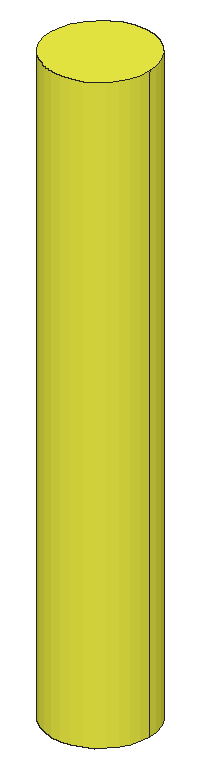
Revit family "M_Poste 2", category Terreno, Revit 2019
Family settings
  Cota do conector redondo = Utilizar diâmetro
  Tipo de parte = Normal
  ID de item do Seek = Bollard 2-0000-CAN-ENU
  Com base no plano de trabalho = Não
  Sempre na vertical = Sim
  Corte com vazios quando carregada = Não
  Compartilhado = Não
Parameters (values of type "150 mm Diâmetro")
  Material = Metal - Acabamento pintado - Amarelo, fosco
Reference planes
  plane 1 "Centro (Frente/Trás)": y = -75
  plane 2: z = 0
  plane 3 "Centro (Esquerda/Direita)": x = 1.2
  plane 4: x = 76.2
  plane 5: y = -150
  plane 6: y = 0
  plane 7: x = -73.8
  plane 8: z = 900
Forms (mm)
  Extrusion 1, solid, material "Metal - Acabamento pintado - Amarelo, fosco" <- "Material"
    sketch origin (0, 0, 0) x (1, 0, 0) y (0, 1, 0)
      loop
        circle (1.2, -75) r 75
    from 0 to 900
Lines and regions (mm)
  symbolic lines, style "Acessórios do terreno"
    curve 1: arc (76.2, -75, 0) -> (1.2, 0, 0) -> (-73.8, -75, 0) r 75
    curve 2: arc (-73.8, -75, 0) -> (1.2, -150, 0) -> (76.2, -75, 0) r 75
Dimensions and locks
  locked: plane 7 to plane 4 at 150
  locked: plane 5 to plane 6 at 150
  equal spacing: plane 7, plane 3 "Centro (Esquerda/Direita)", plane 4
  equal spacing: plane 5, plane 1 "Centro (Frente/Trás)", plane 6
  locked: plane 8 to plane 2 at 900
  aligned and locked: Extrusion 1 to plane 8
